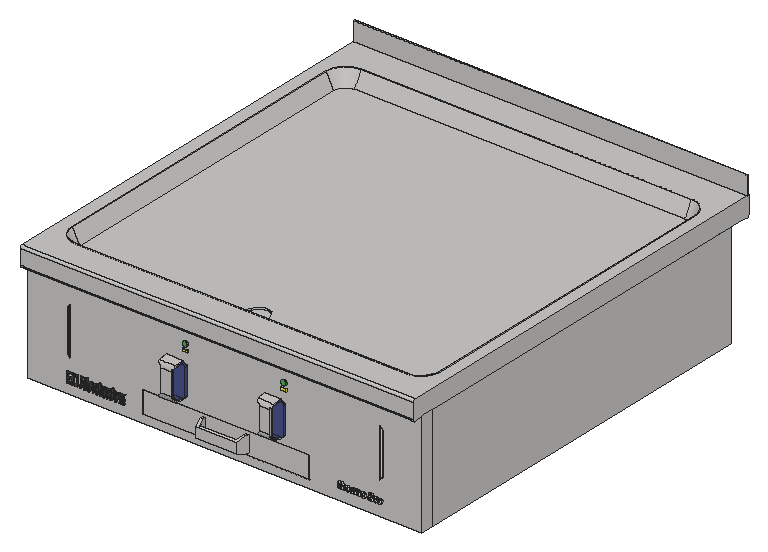
Revit family "QF_ELECTROLUXPROFESSIONAL_588531_MBHMBBHOAO", category Attrezzature speciali, Revit 2020
Family settings
  Quota connettore circolare = Usa diametro
  Tipo di parte = Normale
  Basato su piano di lavoro = No
  Sempre verticale = Sì
  Taglio con vuoti quando caricato = No
  Condiviso = No
  Punto di calcolo locali = No
Parameters (values of type "Standard")
  Weight = 120.00 kg
  Watts = 15300 W
  Volts = 400 V
  URL Manufacturer = "https://www.electroluxprofessional.com/"
  URL = "https://www.electroluxprofessional.com/"
  Steam Supply Size = 0"
  Steam Supply Minimum Pressure = 0.00 psi
  Steam Supply Maximum Pressure = 0.00 psi
  Steam Consumption per Hour = 0
  Refrigeration Suction Line Size = 0 mm
  Refrigeration Liquid Line Size = 0 mm
  Refrigerant Compressor Remote = yes
  Prospetto di default = 0 mm
  Phase = 3
  Modello = "MBHMBBHOAO"
  Produttore = "Electrolux Professional"
  Length Actual = 800 mm  # constant formula
  Item Number = "588531"
  Hot Water Size = 0"
  Height Actual = 250 mm  # constant formula
  HP = "20.5 HP"
  Gas Size = 0"
  Gas KW = 0
  Gas Input Pressure = 0.0 Btu/h
  Direct Waste Size = 0"
  Descrizione = "EL.FRYTOP,SMOOTH PL,1S,BSPL,800X850X250H"
  Depth Actual = 850 mm  # constant formula
  Cycle = 50 Hz
  Condensate Return Size = 0"
  Compressed Air Volume = 0 GPM
  Compressed Air Size = 0"
  Compressed Air Pressure = 0.00 psi
  Cold Water Size = 0"
  Accessory = yes
Reference planes
  plane 1 "BACK": y = 0
  plane 2: z = 0
  plane 3 "LEFT": x = 0
  plane 4 "RIGHT": x = 800
  plane 5 "FRONT": y = -850
  plane 6 "TOP": z = 900
  plane 7 "Center (Left/Right)": x = 400
  plane 8: y = -425
  plane 9: y = -150
  plane 10: y = -65
  plane 11: y = -790
  plane 12 "EIY": y = -635
  plane 13: z = 938
  plane 14 "BaseTop": z = 650
  plane 15: y = -805
  plane 16 "Camino": y = -50
  plane 17 "EIx": x = 755
  plane 18: z = 1131
Forms (mm)
  Extrusion 1, solid, material "QF_Finishes_Stainless Steel"
    sketch origin (-178.969, -4572, 100) x (-1, 0, 0) y (0, -1, 0)
      loop
        line (-178.969, -4527) -> (-178.969, -3767) -> (-978.969, -3767) -> (-978.969, -4527) -> (-178.969, -4527)
    from 550 to 762.969
  Extrusion 2, solid, material "QF_Finishes_Stainless Steel"
    sketch origin (400, 296.4, 1219.2) x (0, 1, 0) y (0, 0, 1)
      loop
        line (-296.4, -319.2) -> (-1141.4, -319.2)
        arc (-1141.4, -319.2) -> (-1144.935, -320.664) -> (-1146.4, -324.2) r 5
        line (-1146.4, -324.2) -> (-1146.4, -355.2)
        arc (-1146.4, -355.2) -> (-1144.971, -358.264) -> (-1141.705, -359.139) r 4
        line (-1141.705, -359.139) -> (-1126.4, -356.231) -> (-316.4, -356.231) -> (-301.094, -359.139)
        arc (-301.094, -359.139) -> (-297.829, -358.264) -> (-296.4, -355.2) r 4
        line (-296.4, -355.2) -> (-296.4, -319.2)
    from -400 to 400
  Extrusion 3, void
    sketch origin (0, 0, 900) x (-1, 0, 0) y (0, -1, 0)
      loop
        arc (-65, 65) -> (-36.716, 76.716) -> (-25, 105) r 40
        line (-25, 105) -> (-25, 750)
        arc (-25, 750) -> (-36.716, 778.284) -> (-65, 790) r 40
        line (-65, 790) -> (-735, 790)
        arc (-735, 790) -> (-763.284, 778.284) -> (-775, 750) r 40
        line (-775, 750) -> (-775, 105)
        arc (-775, 105) -> (-763.284, 76.716) -> (-735, 65) r 40
        line (-735, 65) -> (-65, 65)
    from 0 to -30
  Extrusion 4, solid, material "QF_Finishes_Stainless Steel"
    sketch origin (400, 296.4, 1219.2) x (0, 1, 0) y (0, 0, 1)
      loop
        line (-296.4, -319.2) -> (-296.4, -281.2) -> (-298.4, -281.2) -> (-298.4, -319.2) -> (-296.4, -319.2)
    from 400 to -400
  Extrusion 5, solid, material "QF_Finishes_Stainless Steel"
    sketch origin (0, 0, 650) x (-1, 0, 0) y (0, -1, 0)
      loop
        circle (-755, 635) r 10.1
    from 0 to -10
  Sweep 6, solid, material "QF_Finishes_Stainless Steel"
    path origin (0, 0, 900) x (-1, 0, 0) y (0, -1, 0)
      loop
        line (-25, 105) -> (-25, 750)
        arc (-25, 750) -> (-36.716, 778.284) -> (-65, 790) r 40
        line (-65, 790) -> (-735, 790)
        arc (-735, 790) -> (-763.284, 778.284) -> (-775, 750) r 40
        line (-775, 750) -> (-775, 105)
        arc (-775, 105) -> (-763.284, 76.716) -> (-735, 65) r 40
        line (-735, 65) -> (-65, 65)
        arc (-65, 65) -> (-36.716, 76.716) -> (-25, 105) r 40
    profile origin (25, -427.5, 900) x (1, 0, 0) y (0, 0, 1)
      loop
        line (0, 0) -> (0, -30) -> (15, -30) -> (0, 0)
  Extrusion 7, void
    sketch origin (305.009, 0, 900) x (-1, 0, 0) y (0, -1, 0)
      loop
        circle (-94.991, 746) r 22.248
    from -32.282 to -30
Cuts and joins
  Extrusion 3, Extrusion 7 cuts Extrusion 2
Lines and regions (mm)
  symbolic lines
    curve 1: line (0, 0, 100) -> (800, 0, 100)
    curve 2: line (0, -850, 100) -> (0, 0, 100)
    curve 3: line (800, -850, 100) -> (0, -850, 100)
    curve 4: line (800, 0, 100) -> (800, -850, 100)
    curve 5: line (0, -2, 0) -> (800, -2, 0)
    curve 6: line (734.029, -65, 0) -> (65.29, -65, 0)
    curve 7: line (65.29, -790, 0) -> (734.029, -790, 0)
    curve 8: line (65, -80, 900) -> (735, -80, 900)
    curve 9: line (735, -775, 900) -> (65, -775, 900)
    curve 10: arc (760, -750, 900) -> (752.678, -767.678, 900) -> (735, -775, 900) r 25
    curve 11: line (760, -105, 900) -> (760, -750, 900)
    curve 12: arc (735, -80, 900) -> (752.678, -87.322, 900) -> (760, -105, 900) r 25
    curve 13: circle (400, -746, 900) r 22.248 normal (0, 0, 1)
    curve 14: arc (90.5, -85.483, 900) -> (62.314, -97.096, 900) -> (50.5, -125.198, 900) r 39.994
    curve 15: line (90.5, -85.482, 900) -> (710.5, -85.482, 900)
    curve 16: line (50.5, -662.082, 900) -> (50.5, -125.198, 900)
    curve 17: arc (50.5, -662.082, 900) -> (62.314, -690.184, 900) -> (90.5, -701.797, 900) r 39.994
    curve 18: line (710.5, -701.798, 900) -> (90.5, -701.798, 900)
    curve 19: line (40.29, -708.526, 900) -> (760, -708.526, 900)
    curve 20: line (40.29, -718.526, 900) -> (760, -718.526, 900)
    curve 21: arc (65, -65, 900) -> (36.716, -76.716, 900) -> (25, -105, 900) r 40
    curve 22: line (25, -105, 900) -> (25, -750, 900)
    curve 23: arc (25, -750, 900) -> (36.716, -778.284, 900) -> (65, -790, 900) r 40
    curve 24: arc (735, -790, 900) -> (763.284, -778.284, 900) -> (775, -750, 900) r 40
    curve 25: line (775, -750, 900) -> (775, -105, 900)
    curve 26: arc (775, -105, 900) -> (763.284, -76.716, 900) -> (735, -65, 900) r 40
    curve 27: arc (709.5, -85.483, 900) -> (737.686, -97.096, 900) -> (749.5, -125.198, 900) r 39.994
    curve 28: line (749.5, -662.082, 900) -> (749.5, -125.198, 900)
    curve 29: arc (749.5, -662.082, 900) -> (737.686, -690.184, 900) -> (709.5, -701.797, 900) r 39.994
    curve 30: arc (65, -775, 900) -> (47.322, -767.678, 900) -> (40, -750, 900) r 25
    curve 31: line (40, -750, 900) -> (40, -105, 900)
    curve 32: arc (40, -105, 900) -> (47.322, -87.322, 900) -> (65, -80, 900) r 25
Dimensions and locks
  plane 3 "LEFT" to plane 4 "RIGHT" = 800 mm
  locked: plane 5 "FRONT" to plane 1 "BACK" at 850
  plane 3 "LEFT" to plane 7 "Center (Left/Right)" to plane 4 "RIGHT" = 400 mm, 400 mm
  equal spacing: plane 5 "FRONT", plane 8, plane 1 "BACK"
  plane 6 "TOP" to level = 900 mm  (x2)
  plane 1 "BACK" to plane 9 = 150 mm
  plane 12 "EIY" to plane 1 "BACK" = 635 mm
  plane 13 to plane 6 "TOP" = 38 mm
  plane 10 to plane 1 "BACK" = 65 mm
  plane 5 "FRONT" to plane 11 = 60 mm
  locked: plane 6 "TOP" to plane 14 "BaseTop" at 250
  locked: plane 15 to plane 5 "FRONT" at 45
  plane 16 "Camino" to plane 1 "BACK" = 50 mm
  plane 17 "EIx" to plane 4 "RIGHT" = 45 mm
  plane 18 to plane 6 "TOP" = 231 mm
  aligned and locked: level to plane 2
  aligned and locked: cut or joined group of Extrusion 2, Extrusion 3, Extrusion 7 to plane 3 "LEFT"
  aligned and locked: cut or joined group of Extrusion 2, Extrusion 3, Extrusion 7 to plane 4 "RIGHT"
  aligned and locked: nested 1 to plane 15
  aligned and locked: Extrusion 1 to plane 15
  aligned and locked: Extrusion 4 to plane 3 "LEFT"
  aligned and locked: Extrusion 4 to plane 4 "RIGHT"
  aligned and locked: plane 3 "LEFT" to nested 1
Automatic sketch dimensions
  Extrusion 2 sketch curve to plane 5 "FRONT" = 0 mm
  Extrusion 2 sketch curve to plane 6 "TOP" = 0 mm
  Extrusion 2 sketch curve to plane 1 "BACK" = 0 mm
  Extrusion 2 sketch curve to Extrusion 2 sketch curve = 4 mm
  Extrusion 2 sketch curve to Extrusion 2 sketch curve = 0.695 mm
  Extrusion 2 sketch curve to plane 5 "FRONT" = 5 mm
  Extrusion 2 sketch curve to Extrusion 2 sketch curve = 15.305 mm
  plane 1 "BACK" to Extrusion 2 sketch curve = 20 mm
  plane 1 "BACK" to Extrusion 2 sketch curve = 4.695 mm
  plane 1 "BACK" to Extrusion 2 sketch curve = 4 mm
  Extrusion 2 sketch curve to Extrusion 2 sketch curve = 31 mm
  Extrusion 2 sketch curve to Extrusion 2 sketch curve = 36 mm
  Extrusion 2 sketch curve to Extrusion 2 sketch curve = 2.909 mm
  Extrusion 4 sketch curve to plane 6 "TOP" = 0 mm
  Extrusion 4 sketch curve to plane 13 = 0 mm
  Extrusion 4 sketch curve to plane 1 "BACK" = 0 mm
  Extrusion 4 sketch curve to Extrusion 4 sketch curve = 2 mm
  curve 5 to plane 3 "LEFT" = 0 mm
  plane 10 to curve 6 = 0 mm
  plane 11 to curve 7 = 0 mm
  curve 5 to plane 4 "RIGHT" = 0 mm
  plane 3 "LEFT" to curve 6 = 65.29 mm
  plane 3 "LEFT" to curve 7 = 65.29 mm
  curve 7 to plane 17 "EIx" = 20.971 mm
  curve 6 to plane 17 "EIx" = 20.971 mm
  plane 1 "BACK" to curve 5 = 2 mm
  Extrusion 1 sketch curve to plane 4 "RIGHT" = 0 mm
  Extrusion 1 sketch curve to plane 3 "LEFT" = 0 mm
  Extrusion 1 sketch curve to plane 15 = 0 mm
  Extrusion 1 sketch curve to plane 16 "Camino" = 5 mm
  plane 1 "BACK" to curve 1 = 0 mm
  curve 1 to plane 4 "RIGHT" = 0 mm
  curve 3 to plane 3 "LEFT" = 0 mm
  plane 5 "FRONT" to curve 3 = 0 mm
  plane 11 to Extrusion 3 sketch curve = 0 mm
  plane 10 to Extrusion 3 sketch curve = 0 mm
  plane 17 "EIx" to Extrusion 3 sketch curve = 20 mm
  Extrusion 3 sketch curve to plane 17 "EIx" = 20 mm  (x2)
  plane 3 "LEFT" to Extrusion 3 sketch curve = 65 mm  (x2)
  plane 10 to Extrusion 3 sketch curve = 40 mm
  curve 10 to curve 24 = 0 mm  (x2)
  curve 12 to curve 26 = 0 mm  (x2)
  plane 11 to curve 24 = 0 mm
  plane 10 to curve 26 = 0 mm
  plane 10 to curve 21 = 0 mm
  plane 11 to curve 23 = 0 mm
  plane 17 "EIx" to curve 25 = 20 mm
  plane 17 "EIx" to curve 11 = 5 mm
  curve 28 to plane 17 "EIx" = 5.5 mm
  curve 8 to plane 17 "EIx" = 20 mm
  curve 9 to plane 17 "EIx" = 20 mm
  curve 28 to curve 29 = 39.993 mm
  curve 12 to curve 27 = 25.493 mm
  curve 13 to plane 11 = 44 mm
  plane 3 "LEFT" to curve 13 = 400 mm
  curve 17 to plane 12 "EIY" = 26.803 mm
  curve 13 to curve 17 = 309.507 mm
  plane 9 to curve 14 = 24.523 mm
  plane 3 "LEFT" to curve 14 = 90.493 mm
  curve 14 to curve 8 = 25.493 mm
  curve 13 to curve 9 = 335 mm
  curve 8 to curve 21 = 0 mm
  curve 21 to curve 16 = 14.5 mm
  plane 3 "LEFT" to curve 22 = 25 mm
  curve 11 to curve 28 = 20.198 mm
  plane 9 to curve 16 = 24.802 mm
  plane 9 to curve 27 = 24.523 mm
  curve 29 to plane 12 "EIY" = 26.803 mm
  curve 16 to plane 12 "EIY" = 27.082 mm
  curve 28 to plane 12 "EIY" = 27.082 mm
  curve 12 to curve 15 = 24.5 mm
  curve 18 to curve 29 = 0.993 mm
  curve 15 to curve 27 = 1 mm
  curve 18 to curve 29 = 1 mm
  curve 15 to curve 8 = 25.5 mm
  curve 18 to curve 17 = 0.007 mm
  curve 15 to curve 14 = 0 mm
  curve 18 to curve 17 = 0 mm
  plane 3 "LEFT" to curve 19 = 40.29 mm
  curve 20 to curve 19 = 0 mm
  curve 15 to curve 14 = 0.001 mm
  curve 29 to curve 18 = 0.001 mm
  curve 19 to curve 23 = 41.474 mm
  curve 19 to curve 20 = 10 mm
  Extrusion 5 sketch curve to plane 12 "EIY" = 0 mm
  Extrusion 5 sketch curve to plane 17 "EIx" = 0 mm
  plane 10 to Sweep 6 sketch curve = 0 mm
  plane 11 to Sweep 6 sketch curve = 0 mm
  plane 17 "EIx" to Sweep 6 sketch curve = 20 mm
  Sweep 6 sketch curve to plane 17 "EIx" = 20 mm  (x2)
  plane 3 "LEFT" to Sweep 6 sketch curve = 65 mm  (x2)
  plane 3 "LEFT" to Sweep 6 sketch curve = 25 mm
  profile plane to Sweep 6 sketch curve = 0 mm
  Sweep 6 sketch curve to plane 6 "TOP" = 0 mm
  Sweep 6 sketch curve to profile plane = 15 mm
  Sweep 6 sketch curve to plane 6 "TOP" = 30 mm
  Extrusion 7 sketch curve to plane 11 = 44 mm
  plane 3 "LEFT" to Extrusion 7 sketch curve = 400 mm
  Extrusion 7 sketch curve to Extrusion 7 sketch curve = 12.288 mm
  Extrusion 7 sketch curve to Extrusion 7 sketch curve = 0 mm
  Extrusion 7 sketch curve to Extrusion 7 sketch curve = 18.547 mm
  curve 23 to curve 30 = 0 mm  (x2)
  curve 21 to curve 31 = 0 mm
  radius of curve 13 = 22.248 mm
  radius of Extrusion 5 sketch curve = 10.1 mm
Nested families
  nested 1: "Front_Panel_W800_Two Knobs_2Spie" at (202.376, -805, 0), type "Front_Panel_W800_Two Knobs_2Spie"
Connectors
  electrical at (755, -635, 640), driven by "Volts"
    settings: on Extrusion 5, index 1, voltage 400 V, apparent load 0 VA, apparent load phase1 0 VA, apparent load phase2 0 VA, apparent load phase3 0 VA, power factor 1, load classification "Other", number of poles 1, system type 30, power factor state 1, is connector primary yes, connector utility no, sub classification motor no, connector description "Electrical Connection"
Definition of nested family "Front_Panel_W800_Two Knobs_2Spie"
  Parameters
    Default Elevation = 0 mm
  Reference planes
    plane 1 "Center (Front/Back)": y = 0
    plane 2: z = 0
    plane 3 "Center (Left/Right)": x = 197.624
    plane 4 "Left": x = -202.376
    plane 5 "Right": x = 597.624
    plane 6: y = -45
    plane 7: x = 97.624
    plane 8: y = -310
    plane 9 "Panel": y = -25
    plane 10: x = 517.624
    plane 11: x = -122.376
    plane 12: x = 297.624
  Forms (mm)
    Extrusion 1, solid
      sketch origin (833.217, 829.203, -1.25) x (0, 1, 0) y (0, 0, 1)
        loop
          line (-854.203, 651.25) -> (-829.203, 651.25) -> (-829.203, 864.25) -> (-854.203, 864.25) -> (-854.203, 651.25)
      from -1035.593 to -235.593
    Extrusion 2, void
      sketch origin (0, -25, -10) x (0, 0, 1) y (-1, 0, 0)
        loop
          line (731.866, 122.376) -> (726.866, 117.376) -> (823.866, 117.376) -> (818.866, 122.376) -> (731.866, 122.376)
        loop
          line (731.866, -517.624) -> (818.866, -517.624) -> (823.866, -512.624) -> (726.866, -512.624) -> (731.866, -517.624)
      from 0 to -2
    Extrusion 3, void
      sketch origin (0, 0, 0) x (1, 0, 0) y (0, 0, 1)
        loop
          line (30.124, 711.866) -> (30.124, 666.866) -> (370.124, 666.866) -> (370.124, 711.866) -> (30.124, 711.866)
      from 19.387 to 25
    Extrusion 4, solid
      sketch origin (160, -25, 1.163) x (0, 0, 1) y (-1, 0, 0)
        loop
          circle (824.337, 42.376) r 5
      from 0 to 1.7
    Extrusion 5, solid
      sketch origin (330.497, -25, 1.163) x (0, 0, 1) y (-1, 0, 0)
        loop
          circle (824.337, 12.376) r 5
      from 0 to 1.7
    Extrusion 6, solid
      sketch origin (0, -25, -10) x (0, 0, 1) y (-1, 0, 0)
        loop
          line (731.866, 122.376) -> (726.866, 117.376) -> (823.866, 117.376) -> (818.866, 122.376) -> (731.866, 122.376)
        loop
          line (726.866, -512.624) -> (731.866, -517.624) -> (818.866, -517.624) -> (823.866, -512.624) -> (726.866, -512.624)
      from 0 to -2
    Extrusion 7, solid
      sketch origin (160, -25, -13.837) x (0, 0, 1) y (-1, 0, 0)
        loop
          line (829.337, 37.376) -> (829.337, 47.376) -> (824.337, 47.376) -> (824.337, 37.376) -> (829.337, 37.376)
      from 0 to 1.7
    Extrusion 8, solid
      sketch origin (360, -25, -13.837) x (0, 0, 1) y (-1, 0, 0)
        loop
          line (829.337, 37.376) -> (829.337, 47.376) -> (824.337, 47.376) -> (824.337, 37.376) -> (829.337, 37.376)
      from 0 to 1.7
    Extrusion 9, solid
      sketch origin (51.5, 0, -0.727) x (1, 0, 0) y (0, 0, 1)
        loop
          line (-21.376, 710.866) -> (-21.376, 667.866) -> (316.624, 667.866) -> (316.624, 710.866) -> (-21.376, 710.866)
      from 19.387 to 25
    Extrusion 10, solid
      sketch origin (51.5, 0, -0.727) x (1, 0, 0) y (0, 1, 0)
        loop
          line (106.059, -25) -> (100.966, -25) -> (105.646, -49.075) -> (189.603, -49.075) -> (194.283, -25) -> (189.189, -25) -> (185.481, -44.075) -> (109.767, -44.075) -> (106.059, -25)
      from 672.593 to 705.67
    Extrusion 11, void
      sketch origin (199.124, 0, -0.727) x (0, 1, 0) y (0, 0, 1)
        loop
          line (-30, 705.67) -> (-30, 710.67) -> (-56.744, 710.67) -> (-56.744, 667.593) -> (-30, 667.593) -> (-30, 672.593) -> (-53.776, 680.318) -> (-53.776, 697.945) -> (-30, 705.67)
      from -50 to 50
    Extrusion 12, solid, detail levels coarse
      sketch origin (51.5, -265, -0.727) x (1, 0, 0) y (0, 1, 0)
        loop
          line (106.164, -71.744) -> (189.084, -71.744) -> (194.283, -45) -> (316.624, -45) -> (316.624, 240) -> (-21.376, 240) -> (-21.376, -45) -> (100.966, -45) -> (106.164, -71.744)
      from 672.593 to 705.67
    Extrusion 13, void
      sketch origin (199.124, -280, -0.727) x (0, 1, 0) y (0, 0, 1)
        loop
          line (-30, 705.67) -> (-30, 710.67) -> (-56.744, 710.67) -> (-56.744, 667.593) -> (-30, 667.593) -> (-30, 672.593) -> (-53.776, 680.318) -> (-53.776, 697.945) -> (-30, 705.67)
      from -50 to 50
  Cuts and joins
    Extrusion 2, Extrusion 3 cuts Extrusion 1
    Extrusion 11 cuts Extrusion 10
    Extrusion 11, Extrusion 13 cuts Extrusion 12
  Lines and regions (mm)
    symbolic lines
      curve 1: line (31.124, -45, 0) -> (31.124, -310, 0)
      curve 2: line (31.124, -310, 0) -> (364.124, -310, 0)
      curve 3: line (132.304, -334.075, 0) -> (254.603, -334.075, 0)
      curve 4: line (254.603, -334.075, 0) -> (259.283, -310, 0)
      curve 5: line (364.124, -310, 0) -> (364.124, -45, 0)
      curve 6: line (31.124, -300, 0) -> (364.124, -300, 0)
      curve 7: line (136.426, -329.075, 0) -> (250.481, -329.075, 0)
      curve 8: line (250.481, -329.075, 0) -> (254.375, -309.046, 0)
      curve 9: line (132.304, -334.075, 0) -> (127.624, -310, 0)
      curve 10: line (136.426, -329.075, 0) -> (132.532, -309.046, 0)
  Dimensions and locks
    equal spacing: plane 5 "Right", plane 3 "Center (Left/Right)", plane 4 "Left"
    plane 5 "Right" to plane 4 "Left" = 800 mm
    plane 3 "Center (Left/Right)" to plane 7 = 100 mm
    plane 6 to plane 8 = 265 mm
    plane 12 to plane 3 "Center (Left/Right)" = 100 mm
    aligned and locked: cut or joined group of Extrusion 1, Extrusion 2, Extrusion 3 to plane 4 "Left"
    aligned and locked: plane 5 "Right" to cut or joined group of Extrusion 1, Extrusion 2, Extrusion 3
  Automatic sketch dimensions
    Extrusion 1 sketch curve to plane 9 "Panel" = 0 mm
    Extrusion 1 sketch curve to plane 1 "Center (Front/Back)" = 0 mm
    level to Extrusion 1 sketch curve = 650 mm
    Extrusion 1 sketch curve to Extrusion 1 sketch curve = 213 mm
    Extrusion 2 sketch curve to plane 11 = 0 mm
    Extrusion 2 sketch curve to plane 10 = 0 mm
    Extrusion 2 sketch curve to plane 10 = 5 mm
    level to Extrusion 2 sketch curve = 716.866 mm
    plane 11 to Extrusion 2 sketch curve = 5 mm
    Extrusion 2 sketch curve to Extrusion 2 sketch curve = 0 mm
    Extrusion 2 sketch curve to Extrusion 2 sketch curve = 5 mm  (x4)
    Extrusion 2 sketch curve to Extrusion 2 sketch curve = 87 mm  (x2)
    Extrusion 3 sketch curve to plane 7 = 67.5 mm
    plane 12 to Extrusion 3 sketch curve = 72.5 mm
    level to Extrusion 3 sketch curve = 666.866 mm
    Extrusion 3 sketch curve to Extrusion 3 sketch curve = 45 mm
    plane 7 to Extrusion 4 sketch curve = 20 mm
    level to Extrusion 4 sketch curve = 825.5 mm
    plane 12 to Extrusion 5 sketch curve = 20.497 mm
    level to Extrusion 5 sketch curve = 825.5 mm
    Extrusion 6 sketch curve to plane 11 = 0 mm
    Extrusion 6 sketch curve to plane 10 = 0 mm
    Extrusion 6 sketch curve to plane 10 = 5 mm
    level to Extrusion 6 sketch curve = 716.866 mm
    plane 11 to Extrusion 6 sketch curve = 5 mm
    Extrusion 6 sketch curve to Extrusion 6 sketch curve = 0 mm
    Extrusion 6 sketch curve to Extrusion 6 sketch curve = 5 mm  (x4)
    Extrusion 6 sketch curve to Extrusion 6 sketch curve = 87 mm  (x2)
    plane 7 to Extrusion 7 sketch curve = 25 mm
    level to Extrusion 7 sketch curve = 810.5 mm
    Extrusion 7 sketch curve to Extrusion 7 sketch curve = 5 mm
    Extrusion 7 sketch curve to Extrusion 7 sketch curve = 10 mm
    plane 12 to Extrusion 8 sketch curve = 25 mm
    level to Extrusion 8 sketch curve = 810.5 mm
    Extrusion 8 sketch curve to Extrusion 8 sketch curve = 5 mm
    Extrusion 8 sketch curve to Extrusion 8 sketch curve = 10 mm
    plane 6 to curve 1 = 0 mm
    curve 1 to plane 8 = 0 mm
    plane 6 to curve 5 = 0 mm
    curve 1 to plane 7 = 66.5 mm
    curve 10 to plane 8 = 19.075 mm
    plane 7 to curve 10 = 38.801 mm
    curve 8 to plane 12 = 47.143 mm
    curve 7 to curve 4 = 4.122 mm
    plane 12 to curve 2 = 66.5 mm
    curve 4 to curve 7 = 5 mm
    curve 9 to curve 7 = 8.801 mm
    curve 9 to curve 7 = 4.122 mm
    plane 8 to curve 10 = 0.954 mm
    curve 9 to curve 10 = 4.908 mm
    plane 8 to curve 8 = 0.954 mm
    curve 7 to curve 8 = 3.893 mm
    curve 8 to curve 4 = 4.908 mm
    curve 1 to curve 6 = 10 mm
    Extrusion 9 sketch curve to plane 7 = 67.5 mm
    plane 12 to Extrusion 9 sketch curve = 70.5 mm
    level to Extrusion 9 sketch curve = 667.139 mm
    Extrusion 9 sketch curve to Extrusion 9 sketch curve = 43 mm
    plane 9 "Panel" to Extrusion 10 sketch curve = 0 mm  (x2)
    Extrusion 10 sketch curve to plane 3 "Center (Left/Right)" = 45.158 mm
    plane 6 to Extrusion 10 sketch curve = 4.075 mm
    Extrusion 10 sketch curve to Extrusion 10 sketch curve = 4.68 mm
    Extrusion 10 sketch curve to Extrusion 10 sketch curve = 5.094 mm  (x2)
    Extrusion 10 sketch curve to plane 6 = 0.925 mm
    Extrusion 10 sketch curve to Extrusion 10 sketch curve = 4.122 mm  (x2)
    plane 3 "Center (Left/Right)" to Extrusion 10 sketch curve = 39.357 mm
    Extrusion 10 sketch curve to Extrusion 10 sketch curve = 3.708 mm
    plane 6 to Extrusion 11 sketch curve = 11.744 mm
    plane 6 to Extrusion 11 sketch curve = 8.776 mm
    plane 9 "Panel" to Extrusion 11 sketch curve = 5 mm  (x2)
    level to Extrusion 11 sketch curve = 666.866 mm
    Extrusion 11 sketch curve to Extrusion 11 sketch curve = 5 mm
    Extrusion 11 sketch curve to Extrusion 11 sketch curve = 12.725 mm  (x2)
    Extrusion 11 sketch curve to Extrusion 11 sketch curve = 17.627 mm
    Extrusion 11 sketch curve to Extrusion 11 sketch curve = 7.725 mm
    plane 9 "Panel" to Extrusion 12 sketch curve = 0 mm
    Extrusion 12 sketch curve to plane 8 = 0 mm  (x2)
    Extrusion 12 sketch curve to plane 7 = 67.5 mm
    Extrusion 12 sketch curve to plane 3 "Center (Left/Right)" = 45.158 mm
    Extrusion 12 sketch curve to Extrusion 12 sketch curve = 5.199 mm  (x2)
    plane 3 "Center (Left/Right)" to Extrusion 12 sketch curve = 42.96 mm
    plane 12 to Extrusion 12 sketch curve = 70.5 mm
    Extrusion 12 sketch curve to plane 8 = 26.744 mm
    Extrusion 13 sketch curve to plane 8 = 0 mm  (x2)
    Extrusion 13 sketch curve to plane 8 = 23.776 mm
    Extrusion 13 sketch curve to Extrusion 13 sketch curve = 2.968 mm
    level to Extrusion 13 sketch curve = 666.866 mm
    Extrusion 13 sketch curve to Extrusion 13 sketch curve = 5 mm
    Extrusion 13 sketch curve to Extrusion 13 sketch curve = 12.725 mm  (x2)
    Extrusion 13 sketch curve to Extrusion 13 sketch curve = 17.627 mm
    Extrusion 13 sketch curve to Extrusion 13 sketch curve = 7.725 mm
    radius of Extrusion 4 sketch curve = 5 mm
    radius of Extrusion 5 sketch curve = 5 mm
  Nested families
    nested 1: "Range Control Handle" at (97.851, -28.137, -209.113) x (-1, 0, 0) z (0, 0, 1), type "Range Control Handle"
    nested 2: "Range Control Handle" at (297.398, -28.137, -209.113), type "Range Control Handle"
    nested 3: "ELX_ThermaLine_Small" at (468.838, -25, 679.426) x (1, 0, 0) z (0, -1, 0), type "ELX_ThermaLine_Small"
      with Show Logo yes, Material_Logo none
    nested 4: "ELX_Professional_Logo_Small" at (-62.89, -25, 681.659) x (1, 0, 0) z (0, -1, 0), type "ELX_Professional_Logo_Small"
      with Show Logo yes, Material_Logo none
  Definition of nested family "Range Control Handle"
    Parameters
      Default Elevation = 0 mm
    Reference planes
      plane 1 "Center (Front/Back)": y = 0
      plane 2: z = 0
      plane 3 "Center (Left/Right)": x = 0
      plane 4: z = 971.092
      plane 5: y = -16.9
    Forms (mm)
      Extrusion 1, solid
        sketch origin (-746.28, 380.497, 208.931) x (-1, 0, 0) y (0, 0, 1)
          loop
            line (-770.101, 786.798) -> (-770.101, 731.649)
            arc (-770.101, 731.649) -> (-769.759, 730.563) -> (-768.855, 729.87) r 1.893
            line (-768.855, 729.87) -> (-763.474, 727.911) -> (-729.81, 727.911) -> (-724.428, 729.87)
            arc (-724.428, 729.87) -> (-723.525, 730.563) -> (-723.183, 731.649) r 1.893
            line (-723.183, 731.649) -> (-723.183, 786.798)
            arc (-723.183, 786.798) -> (-723.529, 787.894) -> (-724.44, 788.593) r 1.91
            line (-724.44, 788.593) -> (-729.683, 790.819) -> (-763.601, 790.819) -> (-768.844, 788.593)
            arc (-768.844, 788.593) -> (-769.755, 787.894) -> (-770.101, 786.798) r 1.91
        from -382.35 to -378.852
      Sweep 2, solid
        path origin (-746.788, 380.496, 208.091) x (0, -1, 0) y (0, 0, 1)
          loop
            line (379.775, 793.281) -> (395.661, 791.048)
            arc (395.661, 791.048) -> (397.781, 787.377) -> (398.517, 783.202) r 12.207
            line (398.517, 783.202) -> (398.517, 737.368)
            arc (398.517, 737.368) -> (397.781, 733.193) -> (395.661, 729.522) r 12.207
            line (395.661, 729.522) -> (379.775, 727.289)
        profile origin (-746.788, -7.222, 1000.256) x (0, -0.139173, 0.990268) y (-1, 0, 0)
          loop
            line (0.782, -763.123) -> (0.782, -730.907) -> (-1.322, -730.907) -> (-1.322, -763.123) -> (0.782, -763.123)
      Sweep 3, solid
        path origin (-746.788, 380.715, 207.832) x (0, -1, 0) y (0, 0, 1)
          loop
            line (380.478, 795.442) -> (397.218, 793.09)
            arc (397.218, 793.09) -> (399.929, 788.473) -> (400.871, 783.202) r 15.207
            line (400.871, 783.202) -> (400.871, 737.584)
            arc (400.871, 737.584) -> (399.914, 732.274) -> (397.164, 727.633) r 15.207
            line (397.164, 727.633) -> (380.601, 725.305)
        profile origin (-746.788, -8.132, 1002.099) x (0, -0.139173, 0.990268) y (-1, 0, 0)
          loop
            line (0.782, -763.123) -> (0.782, -730.907) -> (-1.322, -730.907) -> (-1.322, -763.123) -> (0.782, -763.123)
      Extrusion 4, void
        sketch origin (889.253, 220.666, 207.993) x (1, 0, 0) y (0, 0, 1)
          loop
            line (-943.038, 816.854) -> (-943.038, 703.686) -> (-899.466, 734.196) -> (-899.466, 786.344) -> (-943.038, 816.854)
        from 230.636 to 242.25
      Extrusion 5, void
        sketch origin (-888.8, 220.666, 207.993) x (-1, 0, 0) y (0, 0, -1)
          loop
            line (-943.038, -816.854) -> (-899.466, -786.344) -> (-899.466, -734.196) -> (-943.038, -703.686) -> (-943.038, -816.854)
        from 230.636 to 242.25
      Extrusion 6, solid
        sketch origin (0, 0, 0) x (1, 0, 0) y (0, 0, 1)
          loop
            circle (0, 971.092) r 7.736
        from -3.137 to -1.645
    Cuts and joins
      Extrusion 4, Extrusion 5 cuts Sweep 3
      Extrusion 4, Extrusion 5 cuts Sweep 2
      joined: Extrusion 1, Extrusion 6
    Lines and regions (mm)
      symbolic lines
        curve 1: line (16.334, -16.9, 0) -> (16.334, -19.227, 0)
        curve 2: spline (16.334, -19.227, 0) -> (15.87, -19.385, 0) -> (15.404, -19.536, 0) -> (14.936, -19.678, 0) -> (14.466, -19.813, 0) -> (13.995, -19.94, 0) -> (13.523, -20.059, 0) -> (13.049, -20.171, 0) -> (12.575, -20.274, 0) -> (12.099, -20.37, 0) -> (11.622, -20.458, 0) -> (11.144, -20.537, 0) -> (10.666, -20.609, 0)
        curve 3: line (10.666, -16.9, 0) -> (10.666, -20.938, 0)
        curve 4: line (-10.213, -20.938, 0) -> (10.666, -20.938, 0)
        curve 5: line (-10.213, -20.938, 0) -> (-10.213, -16.9, 0)
        curve 6: spline (-10.213, -20.609, 0) -> (-10.691, -20.537, 0) -> (-11.169, -20.458, 0) -> (-11.646, -20.37, 0) -> (-12.122, -20.274, 0) -> (-12.597, -20.171, 0) -> (-13.07, -20.059, 0) -> (-13.542, -19.94, 0) -> (-14.013, -19.813, 0) -> (-14.483, -19.678, 0) -> (-14.951, -19.536, 0) -> (-15.417, -19.385, 0) -> (-15.881, -19.227, 0)
        curve 7: line (-15.881, -19.227, 0) -> (-15.881, -16.9, 0)
  Definition of nested family "ELX_ThermaLine_Small"
    Parameters
      Show Logo [instance] = yes
      Material_Logo [instance] = none
      Default Elevation = 0 mm
    Reference planes
      plane 1 "Centro (Fronte/Retro)": y = 0
      plane 2: z = 0
      plane 3 "Centro (Sinistra/Destra)": x = 0
    Forms (mm)
      Extrusion 1, solid
        sketch origin (0, 0, 0) x (1, 0, 0) y (0, 1, 0)
          loop
            line (-1219.2, 1219.2) -> (-1219.2, -1219.2) -> (1219.2, -1219.2) -> (1219.2, 1219.2) -> (-1219.2, 1219.2)
        from 0 to -304.8
      Extrusion 2, solid
        sketch origin (0, 0, 0) x (1, 0, 0) y (0, 1, 0)
          loop
            line (-37.494, 1.229) -> (-35.908, 1.229) -> (-35.908, 3.066) -> (-37.494, 3.066) -> (-37.494, 6.221) -> (-39.867, 4.881) -> (-39.867, 3.066) -> (-40.969, 3.066) -> (-40.969, 1.229) -> (-39.867, 1.229) -> (-39.867, -3.407)
            arc (-39.867, -3.407) -> (-38.982, -5.513) -> (-36.751, -6.001) r 2.478
            line (-36.751, -6.001) -> (-35.638, -5.7) -> (-35.9, -3.835) -> (-36.661, -4.039)
            arc (-36.661, -4.039) -> (-37.236, -3.924) -> (-37.494, -3.399) r 0.662
            line (-37.494, -3.399) -> (-37.494, 1.229)
          loop
            line (-34.242, 6.539) -> (-34.242, -5.848) -> (-31.854, -5.848) -> (-31.854, -0.078)
            arc (-31.854, -0.078) -> (-30.939, 1.249) -> (-29.33, 1.367) r 1.866
            arc (-29.33, 1.367) -> (-28.695, 0.768) -> (-28.461, -0.073) r 1.627
            line (-28.461, -0.073) -> (-28.461, -5.848) -> (-26.086, -5.848) -> (-26.064, -0.46)
            arc (-26.064, -0.46) -> (-26.261, 0.932) -> (-26.786, 2.237) r 5.825
            arc (-26.786, 2.237) -> (-29.381, 3.264) -> (-31.854, 1.971) r 3.353
            line (-31.854, 1.971) -> (-31.854, 6.539) -> (-34.242, 6.539)
          loop
            arc (-18.398, -0.598) -> (-18.893, 0.879) -> (-20.326, 1.487) r 1.897
            arc (-20.326, 1.487) -> (-21.461, 0.708) -> (-21.897, -0.598) r 2.164
            line (-21.897, -0.598) -> (-18.398, -0.598)
          loop
            arc (-16.021, -2.044) -> (-16.754, 1.227) -> (-19.444, 3.226) r 4.814
            arc (-19.444, 3.226) -> (-22.137, 2.788) -> (-23.943, 0.743) r 4.054
            arc (-23.943, 0.743) -> (-24.382, -1.249) -> (-24.162, -3.276) r 6.289
            arc (-24.162, -3.276) -> (-23.302, -4.71) -> (-21.958, -5.705) r 4.28
            arc (-21.958, -5.705) -> (-18.558, -5.814) -> (-16.152, -3.409) r 4.28
            line (-16.152, -3.409) -> (-18.5, -2.995)
            arc (-18.5, -2.995) -> (-19.273, -3.994) -> (-20.533, -4.076) r 1.536
            arc (-20.533, -4.076) -> (-21.56, -3.281) -> (-21.958, -2.044) r 2.197
            line (-21.958, -2.044) -> (-16.021, -2.044)
          loop
            line (-14.165, -5.848) -> (-11.819, -5.848) -> (-11.819, -2.138)
            arc (-11.819, -2.138) -> (-11.787, -1.156) -> (-11.637, -0.185) r 8.18
            arc (-11.637, -0.185) -> (-10.644, 0.972) -> (-9.132, 0.776) r 1.603
            line (-9.132, 0.776) -> (-8.419, 2.846)
            arc (-8.419, 2.846) -> (-10.432, 3.118) -> (-11.994, 1.821) r 2.527
            line (-11.994, 1.821) -> (-11.994, 3.094) -> (-14.165, 3.094) -> (-14.165, -5.848)
          loop
            line (-7.579, 3.094) -> (-7.579, -5.848) -> (-5.178, -5.848) -> (-5.178, -0.756)
            arc (-5.178, -0.756) -> (-4.727, 0.679) -> (-3.417, 1.419) r 2.05
            arc (-3.417, 1.419) -> (-2.499, 0.908) -> (-2.155, -0.085) r 1.471
            line (-2.155, -0.085) -> (-2.155, -5.848) -> (0.23, -5.848) -> (0.23, -1.001)
            arc (0.23, -1.001) -> (0.47, 0.127) -> (1.148, 1.061) r 2.775
            arc (1.148, 1.061) -> (2.225, 1.329) -> (3.05, 0.587) r 1.182
            arc (3.05, 0.587) -> (3.199, -0.019) -> (3.214, -0.642) r 2.894
            line (3.214, -0.642) -> (3.214, -5.848) -> (5.601, -5.848) -> (5.601, 0.261)
            arc (5.601, 0.261) -> (4.87, 2.263) -> (2.976, 3.241) r 2.932
            arc (2.976, 3.241) -> (1.284, 2.973) -> (-0.047, 1.896) r 3.309
            arc (-0.047, 1.896) -> (-1.116, 2.865) -> (-2.506, 3.258) r 3.16
            arc (-2.506, 3.258) -> (-4.105, 2.942) -> (-5.376, 1.92) r 3.419
            line (-5.376, 1.92) -> (-5.376, 3.094) -> (-7.579, 3.094)
          loop
            line (7.583, 0.738) -> (9.702, 0.364)
            arc (9.702, 0.364) -> (11.441, 1.492) -> (12.855, -0.023) r 1.613
            line (12.855, -0.023) -> (9.782, -0.789)
            arc (9.782, -0.789) -> (8.559, -1.346) -> (7.617, -2.305) r 3.687
            arc (7.617, -2.305) -> (7.499, -3.681) -> (7.901, -5.003) r 3.651
            arc (7.901, -5.003) -> (9.107, -5.766) -> (10.515, -6.006) r 3.635
            arc (10.515, -6.006) -> (11.898, -5.697) -> (13.067, -4.895) r 3.734
            line (13.067, -4.895) -> (13.376, -5.848) -> (15.75, -5.848) -> (15.212, -4.193) -> (15.212, 0.38)
            arc (15.212, 0.38) -> (14.897, 1.849) -> (13.818, 2.895) r 2.585
            arc (13.818, 2.895) -> (11.792, 3.442) -> (9.719, 3.11) r 5.005
            arc (9.719, 3.11) -> (8.369, 2.178) -> (7.583, 0.738) r 3.54
          loop
            line (19.723, -5.848) -> (22.233, -5.848) -> (24.854, 6.484) -> (22.345, 6.484) -> (19.723, -5.848)
          loop
            line (24.583, -5.848) -> (26.953, -5.848) -> (28.848, 3.066) -> (26.478, 3.066) -> (24.583, -5.848)
          loop
            line (27.204, 6.484) -> (26.741, 4.305) -> (29.111, 4.305) -> (29.575, 6.484) -> (27.204, 6.484)
          loop
            line (29.355, -5.848) -> (31.849, -5.848) -> (33.098, 0.028)
            arc (33.098, 0.028) -> (34.169, 1.306) -> (35.832, 1.422) r 2.132
            arc (35.832, 1.422) -> (36.324, 0.752) -> (36.383, -0.078) r 1.5
            line (36.383, -0.078) -> (35.157, -5.848) -> (37.536, -5.848) -> (38.936, 0.738)
            arc (38.936, 0.738) -> (38.775, 2.091) -> (37.825, 3.066) r 2.118
            arc (37.825, 3.066) -> (35.392, 3.175) -> (33.295, 1.937) r 4.271
            line (33.295, 1.937) -> (33.535, 3.066) -> (31.25, 3.066) -> (29.355, -5.848)
          loop
            line (42.792, -0.64) -> (46.589, -0.64)
            arc (46.589, -0.64) -> (46.639, 0.124) -> (46.327, 0.823) r 1.589
            arc (46.327, 0.823) -> (45.117, 1.521) -> (43.762, 1.183) r 1.865
            arc (43.762, 1.183) -> (43.141, 0.344) -> (42.792, -0.64) r 3.538
          loop
            line (42.565, -2.138) -> (48.593, -2.138)
            arc (48.593, -2.138) -> (48.58, 0.597) -> (46.983, 2.818) r 4.494
            arc (46.983, 2.818) -> (44.191, 3.28) -> (41.725, 1.891) r 4.26
            arc (41.725, 1.891) -> (40.503, -0.3) -> (40.284, -2.799) r 6.003
            arc (40.284, -2.799) -> (40.959, -4.468) -> (42.377, -5.576) r 3.482
            arc (42.377, -5.576) -> (44.265, -5.961) -> (46.152, -5.576) r 4.823
            arc (46.152, -5.576) -> (47.432, -4.731) -> (48.328, -3.485) r 4.245
            line (48.328, -3.485) -> (46.168, -3.105)
            arc (46.168, -3.105) -> (45.214, -4.072) -> (43.859, -4.181) r 1.953
            arc (43.859, -4.181) -> (42.821, -3.408) -> (42.565, -2.138) r 1.81
          loop
            line (12.868, -1.553) -> (10.216, -2.214)
            arc (10.216, -2.214) -> (9.747, -3.136) -> (10.216, -4.058) r 1.14
            arc (10.216, -4.058) -> (11.537, -4.249) -> (12.614, -3.46) r 1.763
            arc (12.614, -3.46) -> (12.858, -2.522) -> (12.868, -1.553) r 3.97
        from 0 to 1.6
    Dimensions and locks
      aligned and locked: plane 2 to Extrusion 1
      aligned and locked: level to Extrusion 1
  Definition of nested family "ELX_Professional_Logo_Small"
    Parameters
      Show Logo [instance] = yes
      Material_Logo [instance] = none
      Default Elevation = 0 mm
    Reference planes
      plane 1 "Centro (Fronte/Retro)": y = 0
      plane 2: z = 0
      plane 3 "Centro (Sinistra/Destra)": x = 0
    Forms (mm)
      Extrusion 1, solid
        sketch origin (0, 0, 0) x (1, 0, 0) y (0, 1, 0)
          loop
            line (-1219.2, 1219.2) -> (-1219.2, -1219.2) -> (1219.2, -1219.2) -> (1219.2, 1219.2) -> (-1219.2, 1219.2)
        from 0 to -304.8
      Extrusion 2, solid, material <- "Material_Logo"
        sketch origin (15.5, 0, 0) x (1, 0, 0) y (0, 1, 0)
          loop
            spline (-42.99, -1.24) -> (-43.195, -1.231) -> (-43.415, -1.203) -> (-43.642, -1.152) -> (-43.87, -1.074) -> (-44.095, -0.966) -> (-44.309, -0.825) -> (-44.506, -0.647) -> (-44.681, -0.429) -> (-44.828, -0.167) -> (-44.94, 0.142) -> (-45.011, 0.501) -> (-45.037, 0.915)
            line (-45.037, 0.915) -> (-45.037, 2.748) -> (-38.984, 2.748) -> (-38.984, 5.086) -> (-45.038, 5.086) -> (-45.038, 8.489) -> (-38.599, 8.489) -> (-38.599, 10.82) -> (-47.515, 10.82) -> (-47.515, 1.021)
            spline (-47.515, 1.021) -> (-47.493, 0.418) -> (-47.425, -0.15) -> (-47.311, -0.682) -> (-47.15, -1.175) -> (-46.939, -1.628) -> (-46.678, -2.038) -> (-46.365, -2.404) -> (-46, -2.723) -> (-45.58, -2.995) -> (-45.105, -3.216) -> (-44.573, -3.385) -> (-43.983, -3.499)
            line (-43.983, -3.499) -> (-43.01, -3.569) -> (-38.426, -3.569) -> (-38.426, -1.24) -> (-42.99, -1.24)
          loop
            line (-36.666, 4.021) -> (-36.666, -3.573) -> (-34.188, -3.573) -> (-34.188, 10.824) -> (-36.666, 10.824) -> (-36.666, 4.021)
          loop
            spline (-21.915, 1.897) -> (-21.957, 2.615) -> (-22.082, 3.303) -> (-22.285, 3.955) -> (-22.563, 4.564) -> (-22.913, 5.124) -> (-23.331, 5.629) -> (-23.814, 6.074) -> (-24.359, 6.451) -> (-24.961, 6.755) -> (-25.618, 6.98) -> (-26.326, 7.119) -> (-27.081, 7.167)
            spline (-27.081, 7.167) -> (-27.853, 7.122) -> (-28.586, 6.99) -> (-29.275, 6.774) -> (-29.915, 6.478) -> (-30.5, 6.104) -> (-31.024, 5.657) -> (-31.483, 5.138) -> (-31.871, 4.553) -> (-32.182, 3.904) -> (-32.411, 3.194) -> (-32.552, 2.427) -> (-32.6, 1.606)
            spline (-32.6, 1.606) -> (-32.553, 0.805) -> (-32.416, 0.057) -> (-32.193, -0.637) -> (-31.887, -1.271) -> (-31.504, -1.843) -> (-31.048, -2.35) -> (-30.523, -2.788) -> (-29.934, -3.154) -> (-29.284, -3.444) -> (-28.579, -3.656) -> (-27.822, -3.785) -> (-27.019, -3.829)
            spline (-27.019, -3.829) -> (-26.627, -3.82) -> (-26.239, -3.79) -> (-25.856, -3.739) -> (-25.477, -3.663) -> (-25.103, -3.562) -> (-24.734, -3.432) -> (-24.369, -3.273) -> (-24.01, -3.082) -> (-23.655, -2.858) -> (-23.305, -2.597) -> (-22.96, -2.299) -> (-22.621, -1.962)
            line (-22.621, -1.962) -> (-24.114, -0.509)
            spline (-24.114, -0.509) -> (-24.311, -0.699) -> (-24.509, -0.872) -> (-24.71, -1.03) -> (-24.915, -1.172) -> (-25.126, -1.297) -> (-25.346, -1.407) -> (-25.576, -1.5) -> (-25.817, -1.576) -> (-26.072, -1.636) -> (-26.342, -1.678) -> (-26.629, -1.704) -> (-26.936, -1.713)
            spline (-26.936, -1.713) -> (-27.384, -1.691) -> (-27.805, -1.625) -> (-28.196, -1.518) -> (-28.556, -1.372) -> (-28.882, -1.187) -> (-29.174, -0.966) -> (-29.429, -0.71) -> (-29.645, -0.422) -> (-29.821, -0.102) -> (-29.955, 0.247) -> (-30.045, 0.623) -> (-30.089, 1.026)
            line (-30.089, 1.026) -> (-21.956, 1.026) -> (-21.915, 1.897)
          loop
            spline (-24.446, 2.769) -> (-24.47, 3.075) -> (-24.54, 3.37) -> (-24.654, 3.65) -> (-24.807, 3.913) -> (-24.996, 4.156) -> (-25.219, 4.376) -> (-25.472, 4.57) -> (-25.753, 4.736) -> (-26.057, 4.869) -> (-26.382, 4.968) -> (-26.724, 5.03) -> (-27.081, 5.051)
            spline (-27.081, 5.051) -> (-27.464, 5.03) -> (-27.832, 4.97) -> (-28.183, 4.872) -> (-28.513, 4.74) -> (-28.819, 4.577) -> (-29.099, 4.384) -> (-29.347, 4.165) -> (-29.563, 3.923) -> (-29.742, 3.659) -> (-29.881, 3.377) -> (-29.977, 3.079) -> (-30.027, 2.769)
            line (-30.027, 2.769) -> (-24.446, 2.769)
          loop
            spline (-18.167, 1.669) -> (-18.138, 2.13) -> (-18.055, 2.567) -> (-17.921, 2.978) -> (-17.739, 3.358) -> (-17.512, 3.705) -> (-17.243, 4.016) -> (-16.937, 4.287) -> (-16.596, 4.517) -> (-16.223, 4.7) -> (-15.823, 4.835) -> (-15.398, 4.919) -> (-14.951, 4.947)
            spline (-14.951, 4.947) -> (-14.677, 4.938) -> (-14.414, 4.913) -> (-14.162, 4.871) -> (-13.921, 4.812) -> (-13.69, 4.738) -> (-13.467, 4.649) -> (-13.254, 4.544) -> (-13.048, 4.424) -> (-12.85, 4.291) -> (-12.659, 4.143) -> (-12.474, 3.981) -> (-12.295, 3.806)
            line (-12.295, 3.806) -> (-10.76, 5.403)
            spline (-10.76, 5.403) -> (-11.065, 5.709) -> (-11.38, 5.984) -> (-11.703, 6.228) -> (-12.035, 6.443) -> (-12.375, 6.63) -> (-12.723, 6.788) -> (-13.078, 6.92) -> (-13.44, 7.026) -> (-13.809, 7.107) -> (-14.184, 7.164) -> (-14.564, 7.198) -> (-14.951, 7.209)
            spline (-14.951, 7.209) -> (-15.725, 7.161) -> (-16.467, 7.02) -> (-17.169, 6.792) -> (-17.826, 6.482) -> (-18.43, 6.096) -> (-18.976, 5.637) -> (-19.455, 5.112) -> (-19.862, 4.525) -> (-20.19, 3.882) -> (-20.433, 3.189) -> (-20.584, 2.449) -> (-20.635, 1.669)
            spline (-20.635, 1.669) -> (-20.584, 0.889) -> (-20.433, 0.149) -> (-20.19, -0.545) -> (-19.862, -1.187) -> (-19.455, -1.774) -> (-18.976, -2.299) -> (-18.43, -2.758) -> (-17.826, -3.145) -> (-17.169, -3.454) -> (-16.467, -3.682) -> (-15.725, -3.823) -> (-14.951, -3.871)
            spline (-14.951, -3.871) -> (-14.564, -3.86) -> (-14.184, -3.826) -> (-13.809, -3.77) -> (-13.44, -3.689) -> (-13.078, -3.583) -> (-12.723, -3.451) -> (-12.375, -3.292) -> (-12.035, -3.105) -> (-11.703, -2.89) -> (-11.38, -2.646) -> (-11.065, -2.371) -> (-10.76, -2.066)
            line (-10.76, -2.066) -> (-12.295, -0.468)
            spline (-12.295, -0.468) -> (-12.474, -0.643) -> (-12.659, -0.805) -> (-12.85, -0.953) -> (-13.048, -1.087) -> (-13.254, -1.206) -> (-13.467, -1.311) -> (-13.69, -1.4) -> (-13.921, -1.475) -> (-14.162, -1.533) -> (-14.414, -1.575) -> (-14.677, -1.6) -> (-14.951, -1.609)
            spline (-14.951, -1.609) -> (-15.398, -1.581) -> (-15.823, -1.497) -> (-16.223, -1.362) -> (-16.596, -1.179) -> (-16.937, -0.95) -> (-17.243, -0.678) -> (-17.512, -0.367) -> (-17.739, -0.02) -> (-17.921, 0.36) -> (-18.055, 0.771) -> (-18.138, 1.208) -> (-18.167, 1.669)
          loop
            spline (-4.441, -1.243) -> (-4.659, -1.247) -> (-4.894, -1.23) -> (-5.137, -1.19) -> (-5.384, -1.121) -> (-5.628, -1.021) -> (-5.864, -0.884) -> (-6.084, -0.708) -> (-6.283, -0.488) -> (-6.454, -0.219) -> (-6.592, 0.101) -> (-6.69, 0.478) -> (-6.742, 0.914)
            line (-6.742, 0.914) -> (-6.742, 4.587) -> (-4.487, 4.587) -> (-4.487, 6.838) -> (-6.738, 6.838) -> (-6.738, 10.824) -> (-9.217, 10.824) -> (-9.217, 0.773)
            spline (-9.217, 0.773) -> (-9.164, 0.19) -> (-9.068, -0.358) -> (-8.928, -0.87) -> (-8.742, -1.343) -> (-8.511, -1.777) -> (-8.232, -2.168) -> (-7.904, -2.515) -> (-7.527, -2.816) -> (-7.098, -3.069) -> (-6.618, -3.273) -> (-6.084, -3.426) -> (-5.496, -3.525)
            line (-5.496, -3.525) -> (-4.45, -3.573) -> (-4.441, -1.243)
          loop
            spline (3.898, 6.983) -> (3.469, 7.009) -> (3.056, 7.001) -> (2.661, 6.961) -> (2.283, 6.888) -> (1.925, 6.785) -> (1.588, 6.652) -> (1.272, 6.49) -> (0.979, 6.301) -> (0.71, 6.085) -> (0.465, 5.844) -> (0.247, 5.578) -> (0.056, 5.289)
            line (0.056, 5.289) -> (0.056, 6.838) -> (-2.402, 6.838) -> (-2.402, -3.572) -> (0.056, -3.572) -> (0.056, 1.901)
            spline (0.056, 1.901) -> (0.079, 2.316) -> (0.145, 2.703) -> (0.254, 3.06) -> (0.404, 3.386) -> (0.592, 3.679) -> (0.818, 3.938) -> (1.08, 4.162) -> (1.375, 4.348) -> (1.703, 4.495) -> (2.062, 4.602) -> (2.45, 4.668) -> (2.865, 4.69)
            line (2.865, 4.69) -> (3.898, 4.586) -> (3.898, 6.983)
          loop
            spline (15.638, 1.633) -> (15.586, 2.396) -> (15.435, 3.124) -> (15.192, 3.81) -> (14.863, 4.449) -> (14.455, 5.034) -> (13.975, 5.56) -> (13.43, 6.021) -> (12.826, 6.411) -> (12.17, 6.724) -> (11.469, 6.955) -> (10.729, 7.098) -> (9.958, 7.147)
            spline (9.958, 7.147) -> (9.182, 7.098) -> (8.44, 6.955) -> (7.737, 6.724) -> (7.081, 6.411) -> (6.477, 6.021) -> (5.933, 5.56) -> (5.454, 5.034) -> (5.048, 4.449) -> (4.721, 3.81) -> (4.479, 3.124) -> (4.329, 2.396) -> (4.277, 1.633)
            spline (4.277, 1.633) -> (4.329, 0.869) -> (4.479, 0.141) -> (4.721, -0.544) -> (5.048, -1.183) -> (5.454, -1.768) -> (5.933, -2.294) -> (6.477, -2.755) -> (7.081, -3.145) -> (7.737, -3.459) -> (8.44, -3.69) -> (9.182, -3.833) -> (9.958, -3.882)
            spline (9.958, -3.882) -> (10.729, -3.833) -> (11.469, -3.69) -> (12.17, -3.459) -> (12.826, -3.145) -> (13.43, -2.755) -> (13.975, -2.294) -> (14.455, -1.768) -> (14.863, -1.183) -> (15.192, -0.544) -> (15.435, 0.141) -> (15.586, 0.869) -> (15.638, 1.633)
          loop
            spline (13.18, 1.633) -> (13.151, 2.083) -> (13.067, 2.513) -> (12.932, 2.918) -> (12.748, 3.296) -> (12.52, 3.642) -> (12.251, 3.954) -> (11.943, 4.227) -> (11.601, 4.459) -> (11.228, 4.645) -> (10.828, 4.782) -> (10.403, 4.867) -> (9.958, 4.896)
            spline (9.958, 4.896) -> (9.509, 4.867) -> (9.081, 4.782) -> (8.679, 4.645) -> (8.306, 4.459) -> (7.964, 4.227) -> (7.658, 3.954) -> (7.39, 3.642) -> (7.163, 3.296) -> (6.981, 2.918) -> (6.847, 2.513) -> (6.765, 2.083) -> (6.736, 1.633)
            spline (6.736, 1.633) -> (6.765, 1.182) -> (6.847, 0.753) -> (6.981, 0.347) -> (7.163, -0.031) -> (7.39, -0.377) -> (7.658, -0.689) -> (7.964, -0.962) -> (8.306, -1.193) -> (8.679, -1.38) -> (9.081, -1.517) -> (9.509, -1.602) -> (9.958, -1.631)
            spline (9.958, -1.631) -> (10.403, -1.602) -> (10.828, -1.517) -> (11.228, -1.38) -> (11.601, -1.193) -> (11.943, -0.962) -> (12.251, -0.689) -> (12.52, -0.377) -> (12.748, -0.031) -> (12.932, 0.347) -> (13.067, 0.753) -> (13.151, 1.182) -> (13.18, 1.633)
          loop
            line (17.162, 4.269) -> (17.162, -3.573) -> (19.642, -3.573) -> (19.642, 10.824) -> (17.162, 10.824) -> (17.162, 4.269)
          loop
            line (28.581, 6.838) -> (28.581, 0.786)
            spline (28.581, 0.786) -> (28.561, 0.393) -> (28.503, 0.038) -> (28.409, -0.279) -> (28.281, -0.559) -> (28.122, -0.802) -> (27.933, -1.011) -> (27.717, -1.185) -> (27.476, -1.325) -> (27.213, -1.433) -> (26.929, -1.509) -> (26.626, -1.554) -> (26.308, -1.569)
            spline (26.308, -1.569) -> (25.99, -1.554) -> (25.688, -1.509) -> (25.404, -1.434) -> (25.141, -1.326) -> (24.9, -1.187) -> (24.684, -1.014) -> (24.496, -0.807) -> (24.336, -0.565) -> (24.209, -0.288) -> (24.115, 0.026) -> (24.057, 0.376) -> (24.037, 0.765)
            line (24.037, 0.765) -> (24.037, 6.838) -> (21.537, 6.838) -> (21.537, 0.558)
            spline (21.537, 0.558) -> (21.581, -0.153) -> (21.71, -0.8) -> (21.916, -1.384) -> (22.195, -1.904) -> (22.54, -2.362) -> (22.944, -2.757) -> (23.403, -3.09) -> (23.909, -3.362) -> (24.456, -3.572) -> (25.04, -3.722) -> (25.652, -3.811) -> (26.288, -3.841)
            spline (26.288, -3.841) -> (26.929, -3.811) -> (27.547, -3.72) -> (28.135, -3.568) -> (28.687, -3.355) -> (29.197, -3.079) -> (29.66, -2.741) -> (30.068, -2.341) -> (30.415, -1.877) -> (30.696, -1.349) -> (30.905, -0.757) -> (31.034, -0.101) -> (31.079, 0.621)
            line (31.079, 0.621) -> (31.079, 6.838) -> (28.581, 6.838)
          loop
            line (40.457, -0.243) -> (38.894, 1.942) -> (40.83, 4.579) -> (42.488, 6.837) -> (39.782, 6.837) -> (37.53, 3.719) -> (35.258, 6.837) -> (32.573, 6.837) -> (34.113, 4.731) -> (36.167, 1.922) -> (34.014, -1.076) -> (32.222, -3.573) -> (34.887, -3.573) -> (37.53, 0.104) -> (40.174, -3.573) -> (42.839, -3.573) -> (40.457, -0.243)
          loop
            line (-46.121, -5.837) -> (-48.039, -5.837) -> (-48.039, -10.814) -> (-47.016, -10.814) -> (-47.016, -9.128) -> (-46.121, -9.128)
            arc (-46.121, -9.128) -> (-44.476, -7.482) -> (-46.121, -5.837) r 1.645
          loop
            line (-46.163, -6.778) -> (-47.016, -6.778) -> (-47.016, -8.187) -> (-46.163, -8.187)
            arc (-46.163, -8.187) -> (-45.458, -7.482) -> (-46.163, -6.778) r 0.704
          loop
            line (-38.313, -5.837) -> (-40.265, -5.837) -> (-40.265, -10.814) -> (-39.241, -10.814) -> (-39.241, -9.1) -> (-38.46, -9.182) -> (-37.48, -10.814) -> (-36.318, -10.814) -> (-37.513, -8.848)
            arc (-37.513, -8.848) -> (-36.888, -8.266) -> (-36.671, -7.441) r 1.536
            arc (-36.671, -7.441) -> (-37.165, -6.305) -> (-38.313, -5.837) r 1.643
          loop
            arc (-38.402, -8.166) -> (-37.707, -7.505) -> (-38.334, -6.778) r 0.696
            line (-38.334, -6.778) -> (-39.241, -6.778) -> (-39.241, -8.166) -> (-38.402, -8.166)
          loop
            circle (-29.965, -8.325) r 2.585
          loop
            circle (-29.965, -8.325) r 1.64
          loop
            line (-23.1, -5.837) -> (-23.1, -10.814) -> (-22.076, -10.814) -> (-22.076, -8.768) -> (-20.204, -8.768) -> (-20.204, -7.828) -> (-22.076, -7.828) -> (-22.076, -6.778) -> (-20.024, -6.778) -> (-20.024, -5.837) -> (-23.1, -5.837)
          loop
            line (-15.802, -5.837) -> (-15.802, -9.2)
            arc (-15.802, -9.2) -> (-15.343, -10.34) -> (-14.209, -10.814) r 1.593
            line (-14.209, -10.814) -> (-12.602, -10.814) -> (-12.602, -10.027) -> (-14.004, -10.027)
            arc (-14.004, -10.027) -> (-14.552, -9.8) -> (-14.779, -9.252) r 0.775
            line (-14.779, -9.252) -> (-14.779, -8.424) -> (-12.789, -8.424) -> (-12.789, -7.642) -> (-14.779, -7.642) -> (-14.779, -6.778) -> (-12.651, -6.778) -> (-12.651, -5.837) -> (-15.802, -5.837)
          loop
            line (-5.909, -7.143) -> (-5.173, -6.638)
            arc (-5.173, -6.638) -> (-5.855, -5.974) -> (-6.781, -5.755) r 1.782
            arc (-6.781, -5.755) -> (-7.397, -5.878) -> (-7.944, -6.189) r 1.974
            arc (-7.944, -6.189) -> (-8.202, -6.5) -> (-8.317, -6.888) r 1.013
            arc (-8.317, -6.888) -> (-8.306, -7.341) -> (-8.192, -7.78) r 1.985
            arc (-8.192, -7.78) -> (-7.749, -8.259) -> (-7.171, -8.563) r 1.928
            arc (-7.171, -8.563) -> (-6.637, -8.779) -> (-6.131, -9.056) r 5.041
            arc (-6.131, -9.056) -> (-5.934, -9.387) -> (-6.09, -9.74) r 0.42
            arc (-6.09, -9.74) -> (-6.631, -9.96) -> (-7.204, -9.845) r 1.016
            arc (-7.204, -9.845) -> (-7.625, -9.603) -> (-7.889, -9.196) r 1.033
            line (-7.889, -9.196) -> (-8.67, -9.686)
            arc (-8.67, -9.686) -> (-8.361, -10.198) -> (-7.908, -10.589) r 1.914
            arc (-7.908, -10.589) -> (-7.334, -10.834) -> (-6.714, -10.896) r 2.063
            arc (-6.714, -10.896) -> (-5.947, -10.743) -> (-5.256, -10.376) r 2.696
            arc (-5.256, -10.376) -> (-4.95, -9.565) -> (-5.108, -8.712) r 1.618
            arc (-5.108, -8.712) -> (-5.448, -8.319) -> (-5.884, -8.035) r 1.876
            arc (-5.884, -8.035) -> (-6.434, -7.789) -> (-6.999, -7.577) r 9.883
            arc (-6.999, -7.577) -> (-7.325, -7.07) -> (-6.854, -6.694) r 0.45
            arc (-6.854, -6.694) -> (-6.329, -6.809) -> (-5.909, -7.143) r 1.197
          loop
            line (1.61, -7.143) -> (2.345, -6.638)
            arc (2.345, -6.638) -> (1.663, -5.974) -> (0.737, -5.755) r 1.782
            arc (0.737, -5.755) -> (0.121, -5.878) -> (-0.425, -6.189) r 1.974
            arc (-0.425, -6.189) -> (-0.683, -6.5) -> (-0.799, -6.888) r 1.013
            arc (-0.799, -6.888) -> (-0.788, -7.341) -> (-0.674, -7.78) r 1.985
            arc (-0.674, -7.78) -> (-0.231, -8.259) -> (0.347, -8.563) r 1.928
            arc (0.347, -8.563) -> (0.881, -8.779) -> (1.387, -9.056) r 5.041
            arc (1.387, -9.056) -> (1.584, -9.387) -> (1.428, -9.74) r 0.42
            arc (1.428, -9.74) -> (0.887, -9.96) -> (0.314, -9.845) r 1.016
            arc (0.314, -9.845) -> (-0.107, -9.603) -> (-0.371, -9.196) r 1.033
            line (-0.371, -9.196) -> (-1.152, -9.686)
            arc (-1.152, -9.686) -> (-0.842, -10.198) -> (-0.39, -10.589) r 1.914
            arc (-0.39, -10.589) -> (0.184, -10.834) -> (0.804, -10.896) r 2.063
            arc (0.804, -10.896) -> (1.572, -10.743) -> (2.263, -10.376) r 2.696
            arc (2.263, -10.376) -> (2.568, -9.565) -> (2.411, -8.712) r 1.618
            arc (2.411, -8.712) -> (2.07, -8.319) -> (1.635, -8.035) r 1.876
            arc (1.635, -8.035) -> (1.084, -7.789) -> (0.519, -7.577) r 9.883
            arc (0.519, -7.577) -> (0.193, -7.07) -> (0.665, -6.694) r 0.45
            arc (0.665, -6.694) -> (1.189, -6.809) -> (1.61, -7.143) r 1.197
          loop
            line (6.801, -5.837) -> (6.801, -10.814) -> (7.825, -10.814) -> (7.825, -5.837) -> (6.801, -5.837)
          loop
            circle (14.724, -8.325) r 1.548
          loop
            circle (14.724, -8.325) r 2.585
          loop
            line (21.59, -10.814) -> (22.623, -10.814) -> (22.623, -7.685) -> (24.9, -10.814) -> (25.895, -10.814) -> (25.895, -5.837) -> (24.861, -5.837) -> (24.861, -9.061) -> (22.585, -5.837) -> (21.59, -5.837) -> (21.59, -10.814)
          loop
            line (31.054, -10.814) -> (31.539, -9.74) -> (33.38, -9.74) -> (33.865, -10.814) -> (34.965, -10.814) -> (32.46, -5.837) -> (29.956, -10.814) -> (31.054, -10.814)
          loop
            line (32.46, -7.698) -> (31.999, -8.719) -> (32.921, -8.719) -> (32.46, -7.698)
          loop
            line (40.047, -9.873) -> (40.047, -5.837) -> (39.024, -5.837) -> (39.024, -10.814) -> (41.961, -10.814) -> (41.961, -9.873) -> (40.047, -9.873)
          loop
            line (-74.986, -10.814) -> (-53.322, -10.814) -> (-53.322, 10.82) -> (-74.986, 10.82) -> (-74.986, -10.814)
          loop
            line (-61.261, 9.758) -> (-61.261, -9.707)
            arc (-61.261, -9.707) -> (-54.066, 0.025) -> (-61.261, 9.758) r 10.18
          loop
            line (-62.251, 8.349) -> (-62.251, 9.758)
            arc (-62.251, 9.758) -> (-70.347, 7.918) -> (-74.247, 0.59) r 9.976
            line (-74.247, 0.59) -> (-71.026, 0.59)
            arc (-71.026, 0.59) -> (-65.274, 2.925) -> (-62.251, 8.349) r 9.351
          loop
            arc (-74.247, -0.539) -> (-70.353, -7.928) -> (-62.251, -9.957) r 10.237
            line (-62.251, -9.957) -> (-62.251, -8.298)
            arc (-62.251, -8.298) -> (-65.274, -2.874) -> (-71.026, -0.539) r 9.351
            line (-71.026, -0.539) -> (-74.247, -0.539)
        from 0 to 1.644
    Dimensions and locks
      aligned and locked: plane 2 to Extrusion 1
      aligned and locked: level to Extrusion 1
